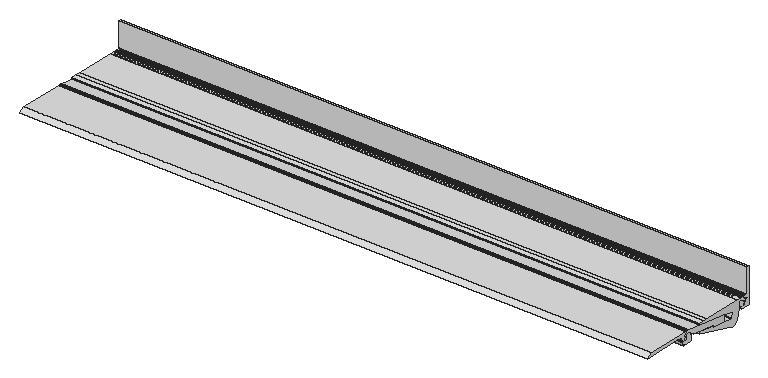
Revit family "Construction-Floors-Conecto-Aluminium Joints ALU AL.130.21", category Specialty Equipment, Revit 2015
Parameters (values of type "Aluminium Joints ALU AL.130.21 N CV")
  Youtube clip = ""
  Weight Net (Kg) = "0"
  Uniformat II Description = ""
  Uniformat II Code = ""
  Uniclass 2015 Name = "Roofs, floor and paving elements"
  Uniclass 2015 Code = "EF_30"
  Uniclass 2.0 Description = ""
  Uniclass 2.0 Code = ""
  Uniclass 1.4 Description = ""
  Uniclass 1.4 Code = ""
  UNSPSC Code = ""
  Technical description = "http://www.conecto-profiles.com/aluminium-joints/floor-joints/alu"
  Rubber Level = 4.5 mm
  Region South America = "None"
  Region Oceania = "None"
  Region North America = "None"
  Region Middle East = "None"
  Region Europe = "AD, AL, AT, AX, BA, BE, BG, BY, CH, CY, CZ, DE, DK, EE, ES, FI, FO, FR, GB, GG, GI, GR, HR, HU, IE, IM, IS, IT, JE, LI, LT, LU, LV, MC, MD, ME, MK, MT, NL, NO, PL, PT, RO, RS, RU, SE, SI, SJ, SK, SM, UA, VA"
  Region Asia = "None"
  Region Antarctica = "None"
  Region Africa = "None"
  QR code = "http://bimobject.com/conecto/product/130"
  Profile = Aluminium - CONECTO - Grey
  Product url = "http://www.conecto-profiles.com/aluminium-joints/floor-joints/alu"
  Product group = "Aluminum profiles"
  Product family = "Expansion profiles"
  Product data url = "https://bimobject.com/conecto/product/130"
  Product certification = ""
  Product SKU = "130"
  Product Guid = "f451513b-b9df-4152-966d-34aeee205aeb"  # constant formula
  OmniClass Description = "Profiles"
  OmniClass Code = "23-13 17 00"
  Nominal width = 130 mm
  Nominal height = 0 mm
  NBS Reference Description = ""
  NBS Reference Code = ""
  N CV = yes
  N = no
  Material secondary = ""
  Material main = "Aluminium"
  Masterformat 2014 Description = ""
  Masterformat 2014 Code = ""
  Manufacturer name = "Conecto"
  Manufacturer country = "Poland"
  Manufacturer = "Conecto"  # constant formula
  Length (mm) [instance] = [built-in parameter 1001306]  # 1000 mm
  built-in parameter 1001306 [instance] = 1000 mm
  Installation instructions = ""
  IFC Classification = "Building Element"
  GTIN code = ""
  Edition number = 1
  Design country = "Poland"
  Date of publishing = "10/18/2019"
  COBIe Type Category = ""
  Brand url = "http://www.profiledylatacyjne.com.pl/"
  BIMobject main category code = "construction"
  BIMobject main category = "Construction"
  BIMobject category code = "construction-floors"
  BIMobject category = "Decks, Slabs & Floors"
  97 CV = no
  97 = no
  .87 CV = no
  .87 = no
  .77 CV = no
  .77 = no
  .62 CV = no
  .62 = no
  .52 CV = no
  .52 = no
  42 CV = no
  42 = no
  .30 CV = no
  .30 = no
  .22 CV = no
  .22 = no
  .15 CV = no
  .15 = no
  #CONST_.20-70 = 70 mm
  Void under Ref level [instance] = 10 mm
Reference planes
  plane 1 "Center (Front/Back)": y = 0
  plane 2: z = 0
  plane 3 "Left": x = 0
  plane 4 "Right": x = 1000
  plane 5: z = -10
  plane 6: z = 4.5
  plane 7: z = 4.501
  plane 8: z = 4.501
Forms (mm)
  Extrusion 1, void
    sketch origin (0, 0, 0) x (0, 1, 0) y (0, 0, 1)
      loop
        line (59.89, 12.014) -> (-60, 12.014) -> (-60, -10) -> (59.89, -10) -> (59.89, 12.014)
    from 0 to 1000
Lines and regions (mm)
  reference lines
    curve 1: line (0, 0, 0) -> (1000, 0, 0)
Dimensions and locks
  "built-in parameter 1001306": plane 3 "Left" to plane 4 "Right"
  "Void under Ref level": plane 2 to plane 5
  "Rubber Level": plane 2 to plane 6
  aligned and locked: plane 4 "Right" to curve 1
  aligned and locked: plane 1 "Center (Front/Back)" to curve 1
  aligned and locked: plane 3 "Left" to curve 1
  aligned and locked: level to plane 2
  aligned and locked: plane 3 "Left" to nested 2
  aligned and locked: Extrusion 1 sketch curve to plane 5
  aligned and locked: Extrusion 1 to curve 1
Automatic sketch dimensions
  level to Extrusion 1 sketch curve = 12.014 mm
  plane 1 "Center (Front/Back)" to Extrusion 1 sketch curve = 60 mm
  Extrusion 1 sketch curve to plane 1 "Center (Front/Back)" = 59.89 mm
Nested families
  nested 1: "Standard" at (0, 0, 74.485), type "Standard"
  nested 2: "Rubber" at (0, 0.322, -13.828), type "Rubber"
  nested 3: "Standard" at (0, 0, 74.485), type "Standard", not visible
  nested 4: "Rubber" at (0, 0.322, -13.828), type "Rubber", not visible
Definition of nested family "Standard"
  Parameters (values of type "Standard")
    Space = 97.5 mm
    N CV = yes
    N Base = or(N, N CV)  # yes
    N = no
    Material = none
    Length = 1000 mm
    97 CV = no
    97 = no
    87 CV = no
    87 = no
    77 CV = no
    77 = no
    62 CV = no
    62 = no
    52 CV = no
    .97 Base = or([97], [97 CV])  # no
    .87 Base = or([87], [87 CV])  # no
    .77 Base = or([77], [77 CV])  # no
    .62 Base = or([62], [62 CV])  # no
    .52 Base = or([52], [52 CV])  # no
    52 = no
    42 CV = no
    .42 Base = or([42], [42 CV])  # no
    42 = no
    30 CV = no
    .15 Base = or([15], [15 CV])  # no
    .14 Base = or([30], [30 CV])  # no
    30 = no
    22 CV = no
    .22 Base = or([22], [22 CV])  # no
    22 = no
    15 CV = no
    .30 Base = or([30], [30 CV])  # no
    15 = no
  Reference planes
    plane 1 "Center (Front/Back)": y = 0
    plane 2: z = -84.674
    plane 3 "Center (Left/Right)": x = 0
    plane 4: x = 1000
    plane 5: y = -48.75
    plane 6: y = 48.75
    plane 7: z = 14.705
  Forms (mm)
    Extrusion 1, solid, material <- "Material", visible <- "97 CV"
      sketch origin (0, 265.991, -904.766) x (0, 1, 0) y (0, 0, 1)
        loop
          line (-199.423, 873.746) -> (-202.54, 873.746) -> (-202.54, 835.127) -> (-203.46, 834.792) -> (-207.327, 834.792) -> (-208.141, 834.496) -> (-208.218, 833.393) -> (-206.445, 831.491) -> (-205.917, 832.217) -> (-205.252, 832.736) -> (-204.32, 832.622) -> (-203.617, 831.722) -> (-203.267, 830.705) -> (-203.608, 829.814) -> (-204.416, 829.438) -> (-205.376, 829.573) -> (-205.376, 828.777) -> (-205.077, 827.908) -> (-205.02, 826.828) -> (-205.071, 825.864) -> (-205.211, 824.98) -> (-205.45, 824.148) -> (-205.909, 823.064) -> (-206.525, 822.529) -> (-209.752, 822.529) -> (-210.523, 823.216) -> (-210.303, 824.037) -> (-209.817, 824.758) -> (-209.465, 825.586) -> (-209.277, 826.401) -> (-209.33, 827.414) -> (-209.668, 828.454) -> (-210.125, 829.245) -> (-210.696, 829.816) -> (-211.35, 830.274) -> (-212.082, 830.57) -> (-212.923, 830.749) -> (-213.767, 830.749) -> (-214.548, 830.554) -> (-215.256, 830.209) -> (-215.921, 829.744) -> (-216.461, 829.144) -> (-216.926, 828.339) -> (-217.163, 827.513) -> (-217.223, 826.646) -> (-217.096, 825.742) -> (-216.758, 824.946) -> (-216.255, 824.227) -> (-211.466, 818.405) -> (-199.423, 818.405) -> (-199.423, 873.746)
      from 0 to 1000
    Extrusion 2, solid, material <- "Material", visible <- "87 CV"
      sketch origin (0, 265.988, -904.764) x (0, 1, 0) y (0, 0, 1)
        loop
          line (-199.423, 873.746) -> (-202.54, 873.746) -> (-202.54, 835.127) -> (-203.46, 834.792) -> (-207.327, 834.792) -> (-208.141, 834.496) -> (-208.218, 833.393) -> (-206.445, 831.491) -> (-205.917, 832.217) -> (-205.252, 832.736) -> (-204.32, 832.622) -> (-203.617, 831.722) -> (-203.267, 830.705) -> (-203.608, 829.814) -> (-204.416, 829.438) -> (-205.376, 829.573) -> (-205.376, 828.777) -> (-205.077, 827.908) -> (-205.02, 826.828) -> (-205.071, 825.864) -> (-205.211, 824.98) -> (-205.45, 824.148) -> (-205.909, 823.064) -> (-206.525, 822.529) -> (-209.752, 822.529) -> (-210.523, 823.216) -> (-210.303, 824.037) -> (-209.817, 824.758) -> (-209.465, 825.586) -> (-209.277, 826.401) -> (-209.33, 827.414) -> (-209.668, 828.454) -> (-210.125, 829.245) -> (-210.696, 829.816) -> (-211.35, 830.274) -> (-212.082, 830.57) -> (-212.923, 830.749) -> (-213.767, 830.749) -> (-214.548, 830.554) -> (-215.256, 830.209) -> (-215.921, 829.744) -> (-216.461, 829.144) -> (-216.926, 828.339) -> (-217.163, 827.513) -> (-217.223, 826.646) -> (-217.096, 825.742) -> (-216.758, 824.946) -> (-216.255, 824.227) -> (-211.466, 818.405) -> (-199.423, 818.405) -> (-199.423, 873.746)
      from 0 to 1000
    Extrusion 3, solid, material <- "Material", visible <- "77 CV"
      sketch origin (0, 265.99, -904.764) x (0, 1, 0) y (0, 0, 1)
        loop
          line (-199.423, 873.746) -> (-202.54, 873.746) -> (-202.54, 835.127) -> (-203.46, 834.792) -> (-207.327, 834.792) -> (-208.141, 834.496) -> (-208.218, 833.393) -> (-206.445, 831.491) -> (-205.917, 832.217) -> (-205.252, 832.736) -> (-204.32, 832.622) -> (-203.617, 831.722) -> (-203.267, 830.705) -> (-203.608, 829.814) -> (-204.416, 829.438) -> (-205.376, 829.573) -> (-205.376, 828.777) -> (-205.077, 827.908) -> (-205.02, 826.828) -> (-205.071, 825.864) -> (-205.211, 824.98) -> (-205.45, 824.148) -> (-205.909, 823.064) -> (-206.525, 822.529) -> (-209.752, 822.529) -> (-210.523, 823.216) -> (-210.303, 824.037) -> (-209.817, 824.758) -> (-209.465, 825.586) -> (-209.277, 826.401) -> (-209.33, 827.414) -> (-209.668, 828.454) -> (-210.125, 829.245) -> (-210.696, 829.816) -> (-211.35, 830.274) -> (-212.082, 830.57) -> (-212.923, 830.749) -> (-213.767, 830.749) -> (-214.548, 830.554) -> (-215.256, 830.209) -> (-215.921, 829.744) -> (-216.461, 829.144) -> (-216.926, 828.339) -> (-217.163, 827.513) -> (-217.223, 826.646) -> (-217.096, 825.742) -> (-216.758, 824.946) -> (-216.255, 824.227) -> (-211.466, 818.405) -> (-199.423, 818.405) -> (-199.423, 873.746)
      from 0 to 1000
    Extrusion 4, solid, material <- "Material", visible <- "62 CV"
      sketch origin (0, 265.99, -989.381) x (0, 1, 0) y (0, 0, 1)
        loop
          line (-199.423, 958.42) -> (-202.54, 958.42) -> (-202.54, 919.801) -> (-203.46, 919.466) -> (-207.327, 919.466) -> (-208.141, 919.17) -> (-208.218, 918.067) -> (-206.445, 916.165) -> (-205.917, 916.891) -> (-205.252, 917.41) -> (-204.32, 917.296) -> (-203.617, 916.395) -> (-203.267, 915.379) -> (-203.608, 914.488) -> (-204.416, 914.112) -> (-205.376, 914.247) -> (-205.376, 913.451) -> (-205.077, 912.582) -> (-205.02, 911.502) -> (-205.071, 910.538) -> (-205.211, 909.654) -> (-205.45, 908.822) -> (-205.909, 907.738) -> (-206.525, 907.203) -> (-209.752, 907.203) -> (-210.523, 907.89) -> (-210.303, 908.711) -> (-209.817, 909.431) -> (-209.465, 910.26) -> (-209.277, 911.075) -> (-209.33, 912.088) -> (-209.668, 913.128) -> (-210.125, 913.919) -> (-210.696, 914.49) -> (-211.35, 914.948) -> (-212.082, 915.244) -> (-212.923, 915.423) -> (-213.767, 915.423) -> (-214.548, 915.228) -> (-215.256, 914.883) -> (-215.921, 914.417) -> (-216.461, 913.818) -> (-216.926, 913.012) -> (-217.163, 912.187) -> (-217.223, 911.32) -> (-217.096, 910.416) -> (-216.758, 909.619) -> (-216.255, 908.901) -> (-211.466, 903.079) -> (-199.423, 903.079) -> (-199.423, 958.42)
      from 0 to 1000
    Extrusion 5, solid, material <- "Material", visible <- "52 CV"
      sketch origin (0, 265.991, -904.766) x (0, 1, 0) y (0, 0, 1)
        loop
          line (-199.423, 873.746) -> (-202.54, 873.746) -> (-202.54, 835.127) -> (-203.46, 834.792) -> (-207.327, 834.792) -> (-208.141, 834.496) -> (-208.218, 833.393) -> (-206.445, 831.491) -> (-205.917, 832.217) -> (-205.252, 832.736) -> (-204.32, 832.622) -> (-203.617, 831.722) -> (-203.267, 830.705) -> (-203.608, 829.814) -> (-204.416, 829.438) -> (-205.376, 829.573) -> (-205.376, 828.777) -> (-205.077, 827.908) -> (-205.02, 826.828) -> (-205.071, 825.864) -> (-205.211, 824.98) -> (-205.45, 824.148) -> (-205.909, 823.064) -> (-206.525, 822.529) -> (-209.752, 822.529) -> (-210.523, 823.216) -> (-210.303, 824.037) -> (-209.817, 824.758) -> (-209.465, 825.586) -> (-209.277, 826.401) -> (-209.33, 827.414) -> (-209.668, 828.454) -> (-210.125, 829.245) -> (-210.696, 829.816) -> (-211.35, 830.274) -> (-212.082, 830.57) -> (-212.923, 830.749) -> (-213.767, 830.749) -> (-214.548, 830.554) -> (-215.256, 830.209) -> (-215.921, 829.744) -> (-216.461, 829.144) -> (-216.926, 828.339) -> (-217.163, 827.513) -> (-217.223, 826.646) -> (-217.096, 825.742) -> (-216.758, 824.946) -> (-216.255, 824.227) -> (-211.466, 818.405) -> (-199.423, 818.405) -> (-199.423, 873.746)
      from 0 to 1000
    Extrusion 6, solid, material <- "Material", visible <- "42 CV"
      sketch origin (0, 265.988, -904.764) x (0, 1, 0) y (0, 0, 1)
        loop
          line (-199.423, 873.746) -> (-202.54, 873.746) -> (-202.54, 835.127) -> (-203.46, 834.792) -> (-207.327, 834.792) -> (-208.141, 834.496) -> (-208.218, 833.393) -> (-206.445, 831.491) -> (-205.917, 832.217) -> (-205.252, 832.736) -> (-204.32, 832.622) -> (-203.617, 831.722) -> (-203.267, 830.705) -> (-203.608, 829.814) -> (-204.416, 829.438) -> (-205.376, 829.573) -> (-205.376, 828.777) -> (-205.077, 827.908) -> (-205.02, 826.828) -> (-205.071, 825.864) -> (-205.211, 824.98) -> (-205.45, 824.148) -> (-205.909, 823.064) -> (-206.525, 822.529) -> (-209.752, 822.529) -> (-210.523, 823.216) -> (-210.303, 824.037) -> (-209.817, 824.758) -> (-209.465, 825.586) -> (-209.277, 826.401) -> (-209.33, 827.414) -> (-209.668, 828.454) -> (-210.125, 829.245) -> (-210.696, 829.816) -> (-211.35, 830.274) -> (-212.082, 830.57) -> (-212.923, 830.749) -> (-213.767, 830.749) -> (-214.548, 830.554) -> (-215.256, 830.209) -> (-215.921, 829.744) -> (-216.461, 829.144) -> (-216.926, 828.339) -> (-217.163, 827.513) -> (-217.223, 826.646) -> (-217.096, 825.742) -> (-216.758, 824.946) -> (-216.255, 824.227) -> (-211.466, 818.405) -> (-199.423, 818.405) -> (-199.423, 873.746)
      from 0 to 1000
    Extrusion 7, solid, material <- "Material", visible <- "30 CV"
      sketch origin (0, 265.99, -904.764) x (0, 1, 0) y (0, 0, 1)
        loop
          line (-199.423, 873.746) -> (-202.54, 873.746) -> (-202.54, 835.127) -> (-203.46, 834.792) -> (-207.327, 834.792) -> (-208.141, 834.496) -> (-208.218, 833.393) -> (-206.445, 831.491) -> (-205.917, 832.217) -> (-205.252, 832.736) -> (-204.32, 832.622) -> (-203.617, 831.722) -> (-203.267, 830.705) -> (-203.608, 829.814) -> (-204.416, 829.438) -> (-205.376, 829.573) -> (-205.376, 828.777) -> (-205.077, 827.908) -> (-205.02, 826.828) -> (-205.071, 825.864) -> (-205.211, 824.98) -> (-205.45, 824.148) -> (-205.909, 823.064) -> (-206.525, 822.529) -> (-209.752, 822.529) -> (-210.523, 823.216) -> (-210.303, 824.037) -> (-209.817, 824.758) -> (-209.465, 825.586) -> (-209.277, 826.401) -> (-209.33, 827.414) -> (-209.668, 828.454) -> (-210.125, 829.245) -> (-210.696, 829.816) -> (-211.35, 830.274) -> (-212.082, 830.57) -> (-212.923, 830.749) -> (-213.767, 830.749) -> (-214.548, 830.554) -> (-215.256, 830.209) -> (-215.921, 829.744) -> (-216.461, 829.144) -> (-216.926, 828.339) -> (-217.163, 827.513) -> (-217.223, 826.646) -> (-217.096, 825.742) -> (-216.758, 824.946) -> (-216.255, 824.227) -> (-211.466, 818.405) -> (-199.423, 818.405) -> (-199.423, 873.746)
      from 0 to 1000
    Extrusion 8, solid, material <- "Material", visible <- "22 CV"
      sketch origin (0, 265.99, -989.381) x (0, 1, 0) y (0, 0, 1)
        loop
          line (-199.423, 958.42) -> (-202.54, 958.42) -> (-202.54, 919.801) -> (-203.46, 919.466) -> (-207.327, 919.466) -> (-208.141, 919.17) -> (-208.218, 918.067) -> (-206.445, 916.165) -> (-205.917, 916.891) -> (-205.252, 917.41) -> (-204.32, 917.296) -> (-203.617, 916.395) -> (-203.267, 915.379) -> (-203.608, 914.488) -> (-204.416, 914.112) -> (-205.376, 914.247) -> (-205.376, 913.451) -> (-205.077, 912.582) -> (-205.02, 911.502) -> (-205.071, 910.538) -> (-205.211, 909.654) -> (-205.45, 908.822) -> (-205.909, 907.738) -> (-206.525, 907.203) -> (-209.752, 907.203) -> (-210.523, 907.89) -> (-210.303, 908.711) -> (-209.817, 909.431) -> (-209.465, 910.26) -> (-209.277, 911.075) -> (-209.33, 912.088) -> (-209.668, 913.128) -> (-210.125, 913.919) -> (-210.696, 914.49) -> (-211.35, 914.948) -> (-212.082, 915.244) -> (-212.923, 915.423) -> (-213.767, 915.423) -> (-214.548, 915.228) -> (-215.256, 914.883) -> (-215.921, 914.417) -> (-216.461, 913.818) -> (-216.926, 913.012) -> (-217.163, 912.187) -> (-217.223, 911.32) -> (-217.096, 910.416) -> (-216.758, 909.619) -> (-216.255, 908.901) -> (-211.466, 903.079) -> (-199.423, 903.079) -> (-199.423, 958.42)
      from 0 to 1000
    Extrusion 9, solid, material <- "Material", visible <- "15 CV"
      sketch origin (0, 265.976, -904.758) x (0, 1, 0) y (0, 0, 1)
        loop
          line (-199.423, 873.746) -> (-202.54, 873.746) -> (-202.54, 835.127) -> (-203.46, 834.792) -> (-207.327, 834.792) -> (-208.141, 834.496) -> (-208.218, 833.393) -> (-206.445, 831.491) -> (-205.917, 832.217) -> (-205.252, 832.736) -> (-204.32, 832.622) -> (-203.617, 831.722) -> (-203.267, 830.705) -> (-203.608, 829.814) -> (-204.416, 829.438) -> (-205.376, 829.573) -> (-205.376, 828.777) -> (-205.077, 827.908) -> (-205.02, 826.828) -> (-205.071, 825.864) -> (-205.211, 824.98) -> (-205.45, 824.148) -> (-205.909, 823.064) -> (-206.525, 822.529) -> (-209.752, 822.529) -> (-210.523, 823.216) -> (-210.303, 824.037) -> (-209.817, 824.758) -> (-209.465, 825.586) -> (-209.277, 826.401) -> (-209.33, 827.414) -> (-209.668, 828.454) -> (-210.125, 829.245) -> (-210.696, 829.816) -> (-211.35, 830.274) -> (-212.082, 830.57) -> (-212.923, 830.749) -> (-213.767, 830.749) -> (-214.548, 830.554) -> (-215.256, 830.209) -> (-215.921, 829.744) -> (-216.461, 829.144) -> (-216.926, 828.339) -> (-217.163, 827.513) -> (-217.223, 826.646) -> (-217.096, 825.742) -> (-216.758, 824.946) -> (-216.255, 824.227) -> (-211.466, 818.405) -> (-199.423, 818.405) -> (-199.423, 873.746)
      from 0 to 1000
    Extrusion 10, solid, material <- "Material", visible <- "N CV"
      sketch origin (0, 265.973, -904.756) x (0, 1, 0) y (0, 0, 1)
        loop
          line (-199.423, 873.746) -> (-202.54, 873.746) -> (-202.54, 835.127) -> (-203.46, 834.792) -> (-207.327, 834.792) -> (-208.141, 834.496) -> (-208.218, 833.393) -> (-206.445, 831.491) -> (-205.917, 832.217) -> (-205.252, 832.736) -> (-204.32, 832.622) -> (-203.617, 831.722) -> (-203.267, 830.705) -> (-203.608, 829.814) -> (-204.416, 829.438) -> (-205.376, 829.573) -> (-205.376, 828.777) -> (-205.077, 827.908) -> (-205.02, 826.828) -> (-205.071, 825.864) -> (-205.211, 824.98) -> (-205.45, 824.148) -> (-205.909, 823.064) -> (-206.525, 822.529) -> (-209.752, 822.529) -> (-210.523, 823.216) -> (-210.303, 824.037) -> (-209.817, 824.758) -> (-209.465, 825.586) -> (-209.277, 826.401) -> (-209.33, 827.414) -> (-209.668, 828.454) -> (-210.125, 829.245) -> (-210.696, 829.816) -> (-211.35, 830.274) -> (-212.082, 830.57) -> (-212.923, 830.749) -> (-213.767, 830.749) -> (-214.548, 830.554) -> (-215.256, 830.209) -> (-215.921, 829.744) -> (-216.461, 829.144) -> (-216.926, 828.339) -> (-217.163, 827.513) -> (-217.223, 826.646) -> (-217.096, 825.742) -> (-216.758, 824.946) -> (-216.255, 824.227) -> (-211.466, 818.405) -> (-199.423, 818.405) -> (-199.423, 873.746)
      from 0 to 1000
    Extrusion 11, solid, material <- "Material", visible <- ".97 Base"
      sketch origin (0, 265.433, 968.395) x (0, 1, 0) y (0, 0, 1)
        loop
          line (-330.599, -1038.38) -> (-330.599, -1047.322) -> (-329.655, -1051.761) -> (-330.566, -1052.847) -> (-330.566, -1055.109) -> (-324.073, -1055.109) -> (-323.246, -1054.612) -> (-322.459, -1054.386) -> (-321.57, -1054.386) -> (-320.693, -1054.688) -> (-320.064, -1055.162) -> (-319.541, -1055.764) -> (-319.194, -1056.543) -> (-319.109, -1057.347) -> (-319.18, -1058.158) -> (-319.665, -1059.151) -> (-320.386, -1059.824) -> (-321.1, -1060.204) -> (-321.875, -1060.354) -> (-322.663, -1060.285) -> (-323.438, -1060.033) -> (-324.045, -1059.542) -> (-324.953, -1059.606) -> (-330.608, -1059.606) -> (-330.608, -1062.159) -> (-328.308, -1062.564) -> (-320.608, -1063.974) -> (-320.335, -1064.768) -> (-320.335, -1128.086) -> (-320.753, -1129.646) -> (-321.523, -1130.564) -> (-323.227, -1131.151) -> (-325.381, -1130.848) -> (-387.657, -1130.848) -> (-389.735, -1132.048) -> (-390.42, -1132.732) -> (-390.286, -1134.643) -> (-389.461, -1135.222) -> (-388.036, -1135.396) -> (-316.208, -1135.396) -> (-316.208, -1061.81) -> (-315.073, -1058.514) -> (-315.073, -1055.983) -> (-316.208, -1052.687) -> (-316.208, -1047.26) -> (-315.552, -1046.389) -> (-314.292, -1046.389) -> (-314.292, -1045.229) -> (-315.073, -1043.929) -> (-315.919, -1043.219) -> (-316.729, -1042.714) -> (-317.561, -1042.506) -> (-318.492, -1042.408) -> (-319.403, -1042.552) -> (-320.325, -1042.925) -> (-321.101, -1043.624) -> (-321.758, -1044.353) -> (-322.136, -1045.164) -> (-322.291, -1045.963) -> (-322.291, -1047.063) -> (-322.033, -1047.858) -> (-321.545, -1048.776) -> (-321.06, -1049.688) -> (-321.358, -1050.426) -> (-322.1, -1050.741) -> (-324.745, -1050.741) -> (-325.464, -1050.358) -> (-325.955, -1049.435) -> (-326.304, -1048.361) -> (-326.549, -1046.361) -> (-326.453, -1045.256) -> (-326.144, -1043.667) -> (-326.975, -1043.667) -> (-327.761, -1043.486) -> (-328.259, -1042.847) -> (-328.232, -1042.061) -> (-327.395, -1040.668) -> (-326.621, -1040.431) -> (-325.843, -1040.699) -> (-325.146, -1041.772) -> (-324.551, -1041.037) -> (-323.666, -1040.152) -> (-323.206, -1039.387) -> (-323.811, -1038.38) -> (-330.599, -1038.38)
      from 0 to 1000
    Extrusion 12, solid, material <- "Material", visible <- ".87 Base"
      sketch origin (0, 265.433, 968.395) x (0, 1, 0) y (0, 0, 1)
        loop
          line (-330.599, -1038.38) -> (-330.599, -1047.322) -> (-329.655, -1051.761) -> (-330.566, -1052.847) -> (-330.566, -1055.109) -> (-324.073, -1055.109) -> (-323.246, -1054.612) -> (-322.459, -1054.386) -> (-321.57, -1054.386) -> (-320.693, -1054.688) -> (-320.064, -1055.162) -> (-319.541, -1055.764) -> (-319.194, -1056.543) -> (-319.109, -1057.347) -> (-319.18, -1058.158) -> (-319.665, -1059.151) -> (-320.386, -1059.824) -> (-321.1, -1060.204) -> (-321.875, -1060.354) -> (-322.663, -1060.285) -> (-323.438, -1060.033) -> (-324.045, -1059.542) -> (-324.953, -1059.606) -> (-330.608, -1059.606) -> (-330.608, -1062.159) -> (-328.308, -1062.564) -> (-320.608, -1063.974) -> (-320.335, -1064.768) -> (-320.335, -1117.856) -> (-320.773, -1119.493) -> (-322.888, -1120.714) -> (-387.665, -1120.714) -> (-389.735, -1121.909) -> (-390.42, -1122.594) -> (-390.286, -1124.505) -> (-389.461, -1125.083) -> (-388.036, -1125.258) -> (-316.208, -1125.258) -> (-316.208, -1061.81) -> (-315.073, -1058.514) -> (-315.073, -1055.983) -> (-316.208, -1052.687) -> (-316.208, -1047.26) -> (-315.552, -1046.389) -> (-314.292, -1046.389) -> (-314.292, -1045.229) -> (-315.073, -1043.929) -> (-315.919, -1043.219) -> (-316.729, -1042.714) -> (-317.561, -1042.506) -> (-318.492, -1042.408) -> (-319.403, -1042.552) -> (-320.325, -1042.925) -> (-321.101, -1043.624) -> (-321.758, -1044.353) -> (-322.136, -1045.164) -> (-322.291, -1045.963) -> (-322.291, -1047.063) -> (-322.033, -1047.858) -> (-321.545, -1048.776) -> (-321.06, -1049.688) -> (-321.358, -1050.426) -> (-322.1, -1050.741) -> (-324.745, -1050.741) -> (-325.464, -1050.358) -> (-325.955, -1049.435) -> (-326.304, -1048.361) -> (-326.549, -1046.361) -> (-326.453, -1045.256) -> (-326.144, -1043.667) -> (-326.975, -1043.667) -> (-327.761, -1043.486) -> (-328.259, -1042.847) -> (-328.232, -1042.061) -> (-327.395, -1040.668) -> (-326.621, -1040.431) -> (-325.843, -1040.699) -> (-325.146, -1041.772) -> (-324.551, -1041.037) -> (-323.666, -1040.152) -> (-323.206, -1039.387) -> (-323.811, -1038.38) -> (-330.599, -1038.38)
      from 0 to 1000
    Extrusion 13, solid, material <- "Material", visible <- ".77 Base"
      sketch origin (0, 265.433, 968.395) x (0, 1, 0) y (0, 0, 1)
        loop
          line (-330.599, -1038.38) -> (-330.599, -1047.322) -> (-329.655, -1051.761) -> (-330.566, -1052.847) -> (-330.566, -1055.109) -> (-324.073, -1055.109) -> (-323.246, -1054.612) -> (-322.459, -1054.386) -> (-321.57, -1054.386) -> (-320.693, -1054.688) -> (-320.064, -1055.162) -> (-319.541, -1055.764) -> (-319.194, -1056.543) -> (-319.109, -1057.347) -> (-319.18, -1058.158) -> (-319.665, -1059.151) -> (-320.386, -1059.824) -> (-321.1, -1060.204) -> (-321.875, -1060.354) -> (-322.663, -1060.285) -> (-323.438, -1060.033) -> (-324.045, -1059.542) -> (-324.953, -1059.606) -> (-330.608, -1059.606) -> (-330.608, -1062.159) -> (-328.308, -1062.564) -> (-320.608, -1063.974) -> (-320.335, -1064.768) -> (-320.335, -1109.136) -> (-321.266, -1110.285) -> (-322.591, -1110.99) -> (-325.398, -1110.793) -> (-387.632, -1110.793) -> (-389.835, -1112.065) -> (-390.519, -1112.75) -> (-390.386, -1114.661) -> (-389.56, -1115.239) -> (-388.135, -1115.414) -> (-316.208, -1115.414) -> (-316.208, -1061.81) -> (-315.073, -1058.514) -> (-315.073, -1055.983) -> (-316.208, -1052.687) -> (-316.208, -1047.26) -> (-315.552, -1046.389) -> (-314.292, -1046.389) -> (-314.292, -1045.229) -> (-315.073, -1043.929) -> (-315.919, -1043.219) -> (-316.729, -1042.714) -> (-317.561, -1042.506) -> (-318.492, -1042.408) -> (-319.403, -1042.552) -> (-320.325, -1042.925) -> (-321.101, -1043.624) -> (-321.758, -1044.353) -> (-322.136, -1045.164) -> (-322.291, -1045.963) -> (-322.291, -1047.063) -> (-322.033, -1047.858) -> (-321.545, -1048.776) -> (-321.06, -1049.688) -> (-321.358, -1050.426) -> (-322.1, -1050.741) -> (-324.745, -1050.741) -> (-325.464, -1050.358) -> (-325.955, -1049.435) -> (-326.304, -1048.361) -> (-326.549, -1046.361) -> (-326.453, -1045.256) -> (-326.144, -1043.667) -> (-326.975, -1043.667) -> (-327.761, -1043.486) -> (-328.259, -1042.847) -> (-328.232, -1042.061) -> (-327.395, -1040.668) -> (-326.621, -1040.431) -> (-325.843, -1040.699) -> (-325.146, -1041.772) -> (-324.551, -1041.037) -> (-323.666, -1040.152) -> (-323.206, -1039.387) -> (-323.811, -1038.38) -> (-330.599, -1038.38)
      from 0 to 1000
    Extrusion 14, solid, material <- "Material", visible <- ".62 Base"
      sketch origin (0, 265.434, 968.395) x (0, 1, 0) y (0, 0, 1)
        loop
          line (-330.599, -1038.38) -> (-330.599, -1047.322) -> (-329.655, -1051.761) -> (-330.566, -1052.847) -> (-330.566, -1055.109) -> (-324.073, -1055.109) -> (-323.246, -1054.612) -> (-322.459, -1054.386) -> (-321.57, -1054.386) -> (-320.693, -1054.688) -> (-320.064, -1055.162) -> (-319.541, -1055.764) -> (-319.194, -1056.543) -> (-319.109, -1057.347) -> (-319.18, -1058.158) -> (-319.665, -1059.151) -> (-320.386, -1059.824) -> (-321.1, -1060.204) -> (-321.875, -1060.354) -> (-322.663, -1060.285) -> (-323.438, -1060.033) -> (-324.045, -1059.542) -> (-324.953, -1059.606) -> (-330.608, -1059.606) -> (-330.608, -1062.159) -> (-328.308, -1062.564) -> (-320.608, -1063.974) -> (-320.335, -1064.768) -> (-320.335, -1093.653) -> (-320.731, -1094.742) -> (-321.466, -1095.619) -> (-322.818, -1096.11) -> (-323.606, -1096.179) -> (-325.295, -1095.912) -> (-387.697, -1095.912) -> (-389.76, -1097.103) -> (-390.444, -1097.787) -> (-390.311, -1099.698) -> (-389.485, -1100.277) -> (-388.06, -1100.452) -> (-316.208, -1100.452) -> (-316.208, -1061.81) -> (-315.073, -1058.514) -> (-315.073, -1055.983) -> (-316.208, -1052.687) -> (-316.208, -1047.26) -> (-315.552, -1046.389) -> (-314.292, -1046.389) -> (-314.292, -1045.229) -> (-315.073, -1043.929) -> (-315.919, -1043.219) -> (-316.729, -1042.714) -> (-317.561, -1042.506) -> (-318.492, -1042.408) -> (-319.403, -1042.552) -> (-320.325, -1042.925) -> (-321.101, -1043.624) -> (-321.758, -1044.353) -> (-322.136, -1045.164) -> (-322.291, -1045.963) -> (-322.291, -1047.063) -> (-322.033, -1047.858) -> (-321.545, -1048.776) -> (-321.06, -1049.688) -> (-321.358, -1050.426) -> (-322.1, -1050.741) -> (-324.745, -1050.741) -> (-325.464, -1050.358) -> (-325.955, -1049.435) -> (-326.304, -1048.361) -> (-326.549, -1046.361) -> (-326.453, -1045.256) -> (-326.144, -1043.667) -> (-326.975, -1043.667) -> (-327.761, -1043.486) -> (-328.259, -1042.847) -> (-328.232, -1042.061) -> (-327.395, -1040.668) -> (-326.621, -1040.431) -> (-325.843, -1040.699) -> (-325.146, -1041.772) -> (-324.551, -1041.037) -> (-323.666, -1040.152) -> (-323.206, -1039.387) -> (-323.811, -1038.38) -> (-330.599, -1038.38)
      from 0 to 1000
    Extrusion 15, solid, material <- "Material", visible <- ".52 Base"
      sketch origin (0, 265.433, 968.395) x (0, 1, 0) y (0, 0, 1)
        loop
          line (-330.599, -1038.38) -> (-330.599, -1047.322) -> (-329.655, -1051.761) -> (-330.566, -1052.847) -> (-330.566, -1055.109) -> (-324.073, -1055.109) -> (-323.246, -1054.612) -> (-322.459, -1054.386) -> (-321.57, -1054.386) -> (-320.693, -1054.688) -> (-320.064, -1055.162) -> (-319.541, -1055.764) -> (-319.194, -1056.543) -> (-319.109, -1057.347) -> (-319.18, -1058.158) -> (-319.665, -1059.151) -> (-320.386, -1059.824) -> (-321.1, -1060.204) -> (-321.875, -1060.354) -> (-322.663, -1060.285) -> (-323.438, -1060.033) -> (-324.045, -1059.542) -> (-324.953, -1059.606) -> (-330.608, -1059.606) -> (-330.608, -1062.159) -> (-328.308, -1062.564) -> (-320.608, -1063.974) -> (-320.335, -1064.768) -> (-320.335, -1083.114) -> (-321.102, -1085.013) -> (-322.153, -1085.895) -> (-324.449, -1086.136) -> (-325.402, -1085.881) -> (-387.706, -1085.881) -> (-389.76, -1087.067) -> (-390.444, -1087.751) -> (-390.311, -1089.662) -> (-389.485, -1090.24) -> (-388.06, -1090.415) -> (-316.208, -1090.415) -> (-316.208, -1061.81) -> (-315.073, -1058.514) -> (-315.073, -1055.983) -> (-316.208, -1052.687) -> (-316.208, -1047.26) -> (-315.552, -1046.389) -> (-314.292, -1046.389) -> (-314.292, -1045.229) -> (-315.073, -1043.929) -> (-315.919, -1043.219) -> (-316.729, -1042.714) -> (-317.561, -1042.506) -> (-318.492, -1042.408) -> (-319.403, -1042.552) -> (-320.325, -1042.925) -> (-321.101, -1043.624) -> (-321.758, -1044.353) -> (-322.136, -1045.164) -> (-322.291, -1045.963) -> (-322.291, -1047.063) -> (-322.033, -1047.858) -> (-321.545, -1048.776) -> (-321.06, -1049.688) -> (-321.358, -1050.426) -> (-322.1, -1050.741) -> (-324.745, -1050.741) -> (-325.464, -1050.358) -> (-325.955, -1049.435) -> (-326.304, -1048.361) -> (-326.549, -1046.361) -> (-326.453, -1045.256) -> (-326.144, -1043.667) -> (-326.975, -1043.667) -> (-327.761, -1043.486) -> (-328.259, -1042.847) -> (-328.232, -1042.061) -> (-327.395, -1040.668) -> (-326.621, -1040.431) -> (-325.843, -1040.699) -> (-325.146, -1041.772) -> (-324.551, -1041.037) -> (-323.666, -1040.152) -> (-323.206, -1039.387) -> (-323.811, -1038.38) -> (-330.599, -1038.38)
      from 0 to 1000
    Extrusion 16, solid, material <- "Material", visible <- ".42 Base"
      sketch origin (0, 265.415, 968.416) x (0, 1, 0) y (0, 0, 1)
        loop
          line (-330.599, -1038.38) -> (-330.599, -1047.322) -> (-329.655, -1051.761) -> (-330.566, -1052.847) -> (-330.566, -1055.109) -> (-324.073, -1055.109) -> (-323.246, -1054.612) -> (-322.459, -1054.386) -> (-321.57, -1054.386) -> (-320.693, -1054.688) -> (-320.064, -1055.162) -> (-319.541, -1055.764) -> (-319.194, -1056.543) -> (-319.109, -1057.347) -> (-319.18, -1058.158) -> (-319.665, -1059.151) -> (-320.386, -1059.824) -> (-321.1, -1060.204) -> (-321.875, -1060.354) -> (-322.663, -1060.285) -> (-323.438, -1060.033) -> (-324.045, -1059.542) -> (-324.953, -1059.606) -> (-330.608, -1059.606) -> (-330.608, -1062.159) -> (-328.308, -1062.564) -> (-320.608, -1063.974) -> (-320.335, -1064.768) -> (-320.335, -1073.423) -> (-320.711, -1074.456) -> (-321.6, -1075.515) -> (-322.617, -1075.885) -> (-323.949, -1076.002) -> (-325.343, -1075.756) -> (-387.713, -1075.756) -> (-389.76, -1076.938) -> (-390.444, -1077.622) -> (-390.311, -1079.533) -> (-389.485, -1080.111) -> (-388.06, -1080.286) -> (-316.208, -1080.286) -> (-316.208, -1061.81) -> (-315.073, -1058.514) -> (-315.073, -1055.983) -> (-316.208, -1052.687) -> (-316.208, -1047.26) -> (-315.552, -1046.389) -> (-314.292, -1046.389) -> (-314.292, -1045.229) -> (-315.073, -1043.929) -> (-315.919, -1043.219) -> (-316.729, -1042.714) -> (-317.561, -1042.506) -> (-318.492, -1042.408) -> (-319.403, -1042.552) -> (-320.325, -1042.925) -> (-321.101, -1043.624) -> (-321.758, -1044.353) -> (-322.136, -1045.164) -> (-322.291, -1045.963) -> (-322.291, -1047.063) -> (-322.033, -1047.858) -> (-321.545, -1048.776) -> (-321.06, -1049.688) -> (-321.358, -1050.426) -> (-322.1, -1050.741) -> (-324.745, -1050.741) -> (-325.464, -1050.358) -> (-325.955, -1049.435) -> (-326.304, -1048.361) -> (-326.549, -1046.361) -> (-326.453, -1045.256) -> (-326.144, -1043.667) -> (-326.975, -1043.667) -> (-327.761, -1043.486) -> (-328.259, -1042.847) -> (-328.232, -1042.061) -> (-327.395, -1040.668) -> (-326.621, -1040.431) -> (-325.843, -1040.699) -> (-325.146, -1041.772) -> (-324.551, -1041.037) -> (-323.666, -1040.152) -> (-323.206, -1039.387) -> (-323.811, -1038.38) -> (-330.599, -1038.38)
      from 0 to 1000
    Extrusion 17, solid, material <- "Material", visible <- "N Base"
      sketch origin (0, 265.489, -904.847) x (0, 1, 0) y (0, 0, 1)
        loop
          line (-323.431, 834.863) -> (-391.399, 834.863) -> (-399.194, 830.362) -> (-336.667, 830.362) -> (-334.644, 830.362) -> (-333.531, 830.323) -> (-332.469, 829.936) -> (-331.694, 829.394) -> (-330.965, 828.391) -> (-330.659, 827.161) -> (-330.36, 823.75) -> (-329.529, 821.583) -> (-327.586, 817.416) -> (-326.788, 817.061) -> (-314.911, 817.061) -> (-314.25, 817.82) -> (-314.25, 826.756) -> (-314.567, 828.385) -> (-315.247, 829.356) -> (-316.224, 830.205) -> (-317.242, 830.68) -> (-318.244, 830.785) -> (-319.406, 830.683) -> (-320.251, 830.289) -> (-321.26, 829.501) -> (-321.776, 828.764) -> (-322.066, 827.969) -> (-322.297, 827.04) -> (-322.221, 826.162) -> (-321.848, 824.942) -> (-321.212, 824.035) -> (-321.052, 823.211) -> (-321.677, 822.492) -> (-324.743, 822.492) -> (-325.508, 822.833) -> (-326.037, 823.966) -> (-326.548, 826.595) -> (-326.373, 828.262) -> (-326.132, 829.501) -> (-327.17, 829.501) -> (-327.903, 829.924) -> (-328.252, 830.672) -> (-328.008, 831.581) -> (-327.346, 832.527) -> (-326.243, 832.643) -> (-325.546, 832.156) -> (-325.167, 831.342) -> (-323.261, 833.248) -> (-323.431, 834.863)
      from 0 to 1000
    Extrusion 18, solid, material <- "Material", visible <- ".15 Base"
      sketch origin (0, 265.412, -730.453) x (0, 1, 0) y (0, 0, 1)
        loop
          line (-323.363, 660.485) -> (-330.587, 660.485) -> (-330.587, 648.965) -> (-330.963, 648.256) -> (-331.738, 648.004) -> (-384.964, 648.004) -> (-386.018, 647.893) -> (-388.116, 647.13) -> (-388.546, 646.442) -> (-387.609, 645.504) -> (-314.404, 645.504) -> (-314.404, 653.116) -> (-314.804, 654.214) -> (-315.523, 655.364) -> (-316.437, 656.005) -> (-317.169, 656.286) -> (-317.949, 656.451) -> (-318.782, 656.422) -> (-319.589, 656.265) -> (-320.32, 655.955) -> (-321.054, 655.46) -> (-321.594, 654.839) -> (-322.18, 653.737) -> (-322.369, 652.847) -> (-322.301, 652.062) -> (-322.168, 651.228) -> (-321.612, 650.265) -> (-321.145, 649.621) -> (-321.145, 648.739) -> (-321.736, 648.207) -> (-325.142, 648.207) -> (-325.732, 648.737) -> (-326.323, 650.323) -> (-326.595, 652.511) -> (-326.488, 653.531) -> (-326.305, 654.468) -> (-326.207, 655.266) -> (-327.615, 655.266) -> (-328.238, 655.889) -> (-328.303, 656.819) -> (-327.818, 657.859) -> (-326.712, 658.497) -> (-325.659, 658.006) -> (-325.327, 657.095) -> (-323.363, 659.059) -> (-323.363, 660.485)
      from 0 to 1000
    Extrusion 19, solid, material <- "Material", visible <- ".22 Base"
      sketch origin (0, 265.432, -730.454) x (0, 1, 0) y (0, 0, 1)
        loop
          line (-323.363, 660.485) -> (-330.587, 660.485) -> (-330.587, 644.236) -> (-330.963, 643.527) -> (-331.738, 643.275) -> (-384.964, 643.275) -> (-386.018, 643.165) -> (-388.116, 642.401) -> (-388.546, 641.713) -> (-388.546, 638.659) -> (-325.118, 638.659) -> (-325.118, 639.488) -> (-325.652, 640.197) -> (-325.956, 640.99) -> (-326.058, 641.817) -> (-325.767, 643.078) -> (-325.193, 643.812) -> (-324.414, 644.378) -> (-323.063, 644.69) -> (-321.666, 644.342) -> (-320.602, 643.48) -> (-320.078, 641.866) -> (-320.327, 640.453) -> (-321.02, 639.596) -> (-320.905, 638.666) -> (-314.404, 638.666) -> (-314.404, 645.504) -> (-314.404, 653.116) -> (-314.804, 654.214) -> (-315.523, 655.364) -> (-316.437, 656.005) -> (-317.169, 656.286) -> (-317.949, 656.451) -> (-318.782, 656.422) -> (-319.589, 656.265) -> (-320.32, 655.955) -> (-321.054, 655.46) -> (-321.594, 654.839) -> (-322.18, 653.737) -> (-322.369, 652.847) -> (-322.301, 652.062) -> (-322.168, 651.228) -> (-321.612, 650.265) -> (-321.145, 649.621) -> (-321.145, 648.739) -> (-321.736, 648.207) -> (-325.142, 648.207) -> (-325.732, 648.737) -> (-326.323, 650.323) -> (-326.595, 652.511) -> (-326.488, 653.531) -> (-326.305, 654.468) -> (-326.207, 655.266) -> (-327.615, 655.266) -> (-328.238, 655.889) -> (-328.303, 656.819) -> (-327.818, 657.859) -> (-326.712, 658.497) -> (-325.659, 658.006) -> (-325.327, 657.095) -> (-323.363, 659.059) -> (-323.363, 660.485)
      from 0 to 1000
    Extrusion 20, solid, material <- "Material", visible <- ".30 Base"
      sketch origin (0, 265.421, -730.469) x (0, 1, 0) y (0, 0, 1)
        loop
          line (-323.363, 660.485) -> (-330.587, 660.485) -> (-330.587, 650.485) -> (-327.144, 642.375) -> (-325.99, 642.518) -> (-323.471, 643.587) -> (-321.385, 643.144) -> (-320.459, 642.446) -> (-319.805, 641.512) -> (-319.349, 640.438) -> (-319.349, 638.821) -> (-320.065, 637.215) -> (-321.004, 636.275) -> (-322.134, 635.699) -> (-323.315, 635.554) -> (-324.548, 635.706) -> (-325.456, 636.168) -> (-326.081, 636.64) -> (-326.885, 636.64) -> (-330.156, 635.114) -> (-384.762, 635.114) -> (-386.616, 634.512) -> (-388.396, 633.484) -> (-388.396, 631.009) -> (-387.647, 630.66) -> (-386.11, 630.498) -> (-314.404, 630.498) -> (-314.404, 645.504) -> (-314.404, 653.116) -> (-314.804, 654.214) -> (-315.523, 655.364) -> (-316.437, 656.005) -> (-317.169, 656.286) -> (-317.949, 656.451) -> (-318.782, 656.422) -> (-319.589, 656.265) -> (-320.32, 655.955) -> (-321.054, 655.46) -> (-321.594, 654.839) -> (-322.18, 653.737) -> (-322.369, 652.847) -> (-322.301, 652.062) -> (-322.168, 651.228) -> (-321.612, 650.265) -> (-321.145, 649.621) -> (-321.145, 648.739) -> (-321.736, 648.207) -> (-325.142, 648.207) -> (-325.732, 648.737) -> (-326.323, 650.323) -> (-326.595, 652.511) -> (-326.488, 653.531) -> (-326.305, 654.468) -> (-326.207, 655.266) -> (-327.615, 655.266) -> (-328.238, 655.889) -> (-328.303, 656.819) -> (-327.818, 657.859) -> (-326.712, 658.497) -> (-325.659, 658.006) -> (-325.327, 657.095) -> (-323.363, 659.059) -> (-323.363, 660.485)
      from 0 to 1000
    Extrusion 21, solid, material <- "Material", visible <- "97"
      sketch origin (0, -265.433, 968.395) x (0, -1, 0) y (0, 0, -1)
        loop
          line (-330.599, 1038.38) -> (-323.811, 1038.38) -> (-323.206, 1039.387) -> (-323.666, 1040.152) -> (-324.551, 1041.037) -> (-325.146, 1041.772) -> (-325.843, 1040.699) -> (-326.621, 1040.431) -> (-327.395, 1040.668) -> (-328.232, 1042.061) -> (-328.259, 1042.847) -> (-327.761, 1043.486) -> (-326.975, 1043.667) -> (-326.144, 1043.667) -> (-326.453, 1045.256) -> (-326.549, 1046.361) -> (-326.304, 1048.361) -> (-325.955, 1049.435) -> (-325.464, 1050.358) -> (-324.745, 1050.741) -> (-322.1, 1050.741) -> (-321.358, 1050.426) -> (-321.06, 1049.688) -> (-321.545, 1048.776) -> (-322.033, 1047.858) -> (-322.291, 1047.063) -> (-322.291, 1045.963) -> (-322.136, 1045.164) -> (-321.758, 1044.353) -> (-321.101, 1043.624) -> (-320.325, 1042.925) -> (-319.403, 1042.552) -> (-318.492, 1042.408) -> (-317.561, 1042.506) -> (-316.729, 1042.714) -> (-315.919, 1043.219) -> (-315.073, 1043.929) -> (-314.292, 1045.229) -> (-314.292, 1046.389) -> (-315.552, 1046.389) -> (-316.208, 1047.26) -> (-316.208, 1052.687) -> (-315.073, 1055.983) -> (-315.073, 1058.514) -> (-316.208, 1061.81) -> (-316.208, 1135.396) -> (-388.036, 1135.396) -> (-389.461, 1135.222) -> (-390.286, 1134.643) -> (-390.42, 1132.732) -> (-389.735, 1132.048) -> (-387.657, 1130.848) -> (-325.381, 1130.848) -> (-323.227, 1131.151) -> (-321.523, 1130.564) -> (-320.753, 1129.646) -> (-320.335, 1128.086) -> (-320.335, 1064.768) -> (-320.608, 1063.974) -> (-328.308, 1062.564) -> (-330.608, 1062.159) -> (-330.608, 1059.606) -> (-324.953, 1059.606) -> (-324.045, 1059.542) -> (-323.438, 1060.033) -> (-322.663, 1060.285) -> (-321.875, 1060.354) -> (-321.1, 1060.204) -> (-320.386, 1059.824) -> (-319.665, 1059.151) -> (-319.18, 1058.158) -> (-319.109, 1057.347) -> (-319.194, 1056.543) -> (-319.541, 1055.764) -> (-320.064, 1055.162) -> (-320.693, 1054.688) -> (-321.57, 1054.386) -> (-322.459, 1054.386) -> (-323.246, 1054.612) -> (-324.073, 1055.109) -> (-330.566, 1055.109) -> (-330.566, 1052.847) -> (-329.655, 1051.761) -> (-330.599, 1047.322) -> (-330.599, 1038.38)
      from 0 to 1000
    Extrusion 22, solid, material <- "Material", visible <- "87"
      sketch origin (0, -265.433, 968.395) x (0, -1, 0) y (0, 0, -1)
        loop
          line (-330.599, 1038.38) -> (-323.811, 1038.38) -> (-323.206, 1039.387) -> (-323.666, 1040.152) -> (-324.551, 1041.037) -> (-325.146, 1041.772) -> (-325.843, 1040.699) -> (-326.621, 1040.431) -> (-327.395, 1040.668) -> (-328.232, 1042.061) -> (-328.259, 1042.847) -> (-327.761, 1043.486) -> (-326.975, 1043.667) -> (-326.144, 1043.667) -> (-326.453, 1045.256) -> (-326.549, 1046.361) -> (-326.304, 1048.361) -> (-325.955, 1049.435) -> (-325.464, 1050.358) -> (-324.745, 1050.741) -> (-322.1, 1050.741) -> (-321.358, 1050.426) -> (-321.06, 1049.688) -> (-321.545, 1048.776) -> (-322.033, 1047.858) -> (-322.291, 1047.063) -> (-322.291, 1045.963) -> (-322.136, 1045.164) -> (-321.758, 1044.353) -> (-321.101, 1043.624) -> (-320.325, 1042.925) -> (-319.403, 1042.552) -> (-318.492, 1042.408) -> (-317.561, 1042.506) -> (-316.729, 1042.714) -> (-315.919, 1043.219) -> (-315.073, 1043.929) -> (-314.292, 1045.229) -> (-314.292, 1046.389) -> (-315.552, 1046.389) -> (-316.208, 1047.26) -> (-316.208, 1052.687) -> (-315.073, 1055.983) -> (-315.073, 1058.514) -> (-316.208, 1061.81) -> (-316.208, 1125.258) -> (-388.036, 1125.258) -> (-389.461, 1125.083) -> (-390.286, 1124.505) -> (-390.42, 1122.594) -> (-389.735, 1121.909) -> (-387.665, 1120.714) -> (-322.888, 1120.714) -> (-320.773, 1119.493) -> (-320.335, 1117.856) -> (-320.335, 1064.768) -> (-320.608, 1063.974) -> (-328.308, 1062.564) -> (-330.608, 1062.159) -> (-330.608, 1059.606) -> (-324.953, 1059.606) -> (-324.045, 1059.542) -> (-323.438, 1060.033) -> (-322.663, 1060.285) -> (-321.875, 1060.354) -> (-321.1, 1060.204) -> (-320.386, 1059.824) -> (-319.665, 1059.151) -> (-319.18, 1058.158) -> (-319.109, 1057.347) -> (-319.194, 1056.543) -> (-319.541, 1055.764) -> (-320.064, 1055.162) -> (-320.693, 1054.688) -> (-321.57, 1054.386) -> (-322.459, 1054.386) -> (-323.246, 1054.612) -> (-324.073, 1055.109) -> (-330.566, 1055.109) -> (-330.566, 1052.847) -> (-329.655, 1051.761) -> (-330.599, 1047.322) -> (-330.599, 1038.38)
      from 0 to 1000
    Extrusion 23, solid, material <- "Material", visible <- "77"
      sketch origin (0, -265.433, 968.395) x (0, -1, 0) y (0, 0, -1)
        loop
          line (-330.599, 1038.38) -> (-323.811, 1038.38) -> (-323.206, 1039.387) -> (-323.666, 1040.152) -> (-324.551, 1041.037) -> (-325.146, 1041.772) -> (-325.843, 1040.699) -> (-326.621, 1040.431) -> (-327.395, 1040.668) -> (-328.232, 1042.061) -> (-328.259, 1042.847) -> (-327.761, 1043.486) -> (-326.975, 1043.667) -> (-326.144, 1043.667) -> (-326.453, 1045.256) -> (-326.549, 1046.361) -> (-326.304, 1048.361) -> (-325.955, 1049.435) -> (-325.464, 1050.358) -> (-324.745, 1050.741) -> (-322.1, 1050.741) -> (-321.358, 1050.426) -> (-321.06, 1049.688) -> (-321.545, 1048.776) -> (-322.033, 1047.858) -> (-322.291, 1047.063) -> (-322.291, 1045.963) -> (-322.136, 1045.164) -> (-321.758, 1044.353) -> (-321.101, 1043.624) -> (-320.325, 1042.925) -> (-319.403, 1042.552) -> (-318.492, 1042.408) -> (-317.561, 1042.506) -> (-316.729, 1042.714) -> (-315.919, 1043.219) -> (-315.073, 1043.929) -> (-314.292, 1045.229) -> (-314.292, 1046.389) -> (-315.552, 1046.389) -> (-316.208, 1047.26) -> (-316.208, 1052.687) -> (-315.073, 1055.983) -> (-315.073, 1058.514) -> (-316.208, 1061.81) -> (-316.208, 1115.414) -> (-388.135, 1115.414) -> (-389.56, 1115.239) -> (-390.386, 1114.661) -> (-390.519, 1112.75) -> (-389.835, 1112.065) -> (-387.632, 1110.793) -> (-325.398, 1110.793) -> (-322.591, 1110.99) -> (-321.266, 1110.285) -> (-320.335, 1109.136) -> (-320.335, 1064.768) -> (-320.608, 1063.974) -> (-328.308, 1062.564) -> (-330.608, 1062.159) -> (-330.608, 1059.606) -> (-324.953, 1059.606) -> (-324.045, 1059.542) -> (-323.438, 1060.033) -> (-322.663, 1060.285) -> (-321.875, 1060.354) -> (-321.1, 1060.204) -> (-320.386, 1059.824) -> (-319.665, 1059.151) -> (-319.18, 1058.158) -> (-319.109, 1057.347) -> (-319.194, 1056.543) -> (-319.541, 1055.764) -> (-320.064, 1055.162) -> (-320.693, 1054.688) -> (-321.57, 1054.386) -> (-322.459, 1054.386) -> (-323.246, 1054.612) -> (-324.073, 1055.109) -> (-330.566, 1055.109) -> (-330.566, 1052.847) -> (-329.655, 1051.761) -> (-330.599, 1047.322) -> (-330.599, 1038.38)
      from 0 to 1000
    Extrusion 24, solid, material <- "Material", visible <- "62"
      sketch origin (0, -265.434, 968.395) x (0, -1, 0) y (0, 0, -1)
        loop
          line (-330.599, 1038.38) -> (-323.811, 1038.38) -> (-323.206, 1039.387) -> (-323.666, 1040.152) -> (-324.551, 1041.037) -> (-325.146, 1041.772) -> (-325.843, 1040.699) -> (-326.621, 1040.431) -> (-327.395, 1040.668) -> (-328.232, 1042.061) -> (-328.259, 1042.847) -> (-327.761, 1043.486) -> (-326.975, 1043.667) -> (-326.144, 1043.667) -> (-326.453, 1045.256) -> (-326.549, 1046.361) -> (-326.304, 1048.361) -> (-325.955, 1049.435) -> (-325.464, 1050.358) -> (-324.745, 1050.741) -> (-322.1, 1050.741) -> (-321.358, 1050.426) -> (-321.06, 1049.688) -> (-321.545, 1048.776) -> (-322.033, 1047.858) -> (-322.291, 1047.063) -> (-322.291, 1045.963) -> (-322.136, 1045.164) -> (-321.758, 1044.353) -> (-321.101, 1043.624) -> (-320.325, 1042.925) -> (-319.403, 1042.552) -> (-318.492, 1042.408) -> (-317.561, 1042.506) -> (-316.729, 1042.714) -> (-315.919, 1043.219) -> (-315.073, 1043.929) -> (-314.292, 1045.229) -> (-314.292, 1046.389) -> (-315.552, 1046.389) -> (-316.208, 1047.26) -> (-316.208, 1052.687) -> (-315.073, 1055.983) -> (-315.073, 1058.514) -> (-316.208, 1061.81) -> (-316.208, 1100.452) -> (-388.06, 1100.452) -> (-389.485, 1100.277) -> (-390.311, 1099.698) -> (-390.444, 1097.787) -> (-389.76, 1097.103) -> (-387.697, 1095.912) -> (-325.295, 1095.912) -> (-323.606, 1096.179) -> (-322.818, 1096.11) -> (-321.466, 1095.619) -> (-320.731, 1094.742) -> (-320.335, 1093.653) -> (-320.335, 1064.768) -> (-320.608, 1063.974) -> (-328.308, 1062.564) -> (-330.608, 1062.159) -> (-330.608, 1059.606) -> (-324.953, 1059.606) -> (-324.045, 1059.542) -> (-323.438, 1060.033) -> (-322.663, 1060.285) -> (-321.875, 1060.354) -> (-321.1, 1060.204) -> (-320.386, 1059.824) -> (-319.665, 1059.151) -> (-319.18, 1058.158) -> (-319.109, 1057.347) -> (-319.194, 1056.543) -> (-319.541, 1055.764) -> (-320.064, 1055.162) -> (-320.693, 1054.688) -> (-321.57, 1054.386) -> (-322.459, 1054.386) -> (-323.246, 1054.612) -> (-324.073, 1055.109) -> (-330.566, 1055.109) -> (-330.566, 1052.847) -> (-329.655, 1051.761) -> (-330.599, 1047.322) -> (-330.599, 1038.38)
      from 0 to 1000
    Extrusion 25, solid, material <- "Material", visible <- "52"
      sketch origin (0, -265.433, 968.395) x (0, -1, 0) y (0, 0, -1)
        loop
          line (-330.599, 1038.38) -> (-323.811, 1038.38) -> (-323.206, 1039.387) -> (-323.666, 1040.152) -> (-324.551, 1041.037) -> (-325.146, 1041.772) -> (-325.843, 1040.699) -> (-326.621, 1040.431) -> (-327.395, 1040.668) -> (-328.232, 1042.061) -> (-328.259, 1042.847) -> (-327.761, 1043.486) -> (-326.975, 1043.667) -> (-326.144, 1043.667) -> (-326.453, 1045.256) -> (-326.549, 1046.361) -> (-326.304, 1048.361) -> (-325.955, 1049.435) -> (-325.464, 1050.358) -> (-324.745, 1050.741) -> (-322.1, 1050.741) -> (-321.358, 1050.426) -> (-321.06, 1049.688) -> (-321.545, 1048.776) -> (-322.033, 1047.858) -> (-322.291, 1047.063) -> (-322.291, 1045.963) -> (-322.136, 1045.164) -> (-321.758, 1044.353) -> (-321.101, 1043.624) -> (-320.325, 1042.925) -> (-319.403, 1042.552) -> (-318.492, 1042.408) -> (-317.561, 1042.506) -> (-316.729, 1042.714) -> (-315.919, 1043.219) -> (-315.073, 1043.929) -> (-314.292, 1045.229) -> (-314.292, 1046.389) -> (-315.552, 1046.389) -> (-316.208, 1047.26) -> (-316.208, 1052.687) -> (-315.073, 1055.983) -> (-315.073, 1058.514) -> (-316.208, 1061.81) -> (-316.208, 1090.415) -> (-388.06, 1090.415) -> (-389.485, 1090.24) -> (-390.311, 1089.662) -> (-390.444, 1087.751) -> (-389.76, 1087.067) -> (-387.706, 1085.881) -> (-325.402, 1085.881) -> (-324.449, 1086.136) -> (-322.153, 1085.895) -> (-321.102, 1085.013) -> (-320.335, 1083.114) -> (-320.335, 1064.768) -> (-320.608, 1063.974) -> (-328.308, 1062.564) -> (-330.608, 1062.159) -> (-330.608, 1059.606) -> (-324.953, 1059.606) -> (-324.045, 1059.542) -> (-323.438, 1060.033) -> (-322.663, 1060.285) -> (-321.875, 1060.354) -> (-321.1, 1060.204) -> (-320.386, 1059.824) -> (-319.665, 1059.151) -> (-319.18, 1058.158) -> (-319.109, 1057.347) -> (-319.194, 1056.543) -> (-319.541, 1055.764) -> (-320.064, 1055.162) -> (-320.693, 1054.688) -> (-321.57, 1054.386) -> (-322.459, 1054.386) -> (-323.246, 1054.612) -> (-324.073, 1055.109) -> (-330.566, 1055.109) -> (-330.566, 1052.847) -> (-329.655, 1051.761) -> (-330.599, 1047.322) -> (-330.599, 1038.38)
      from 0 to 1000
    Extrusion 26, solid, material <- "Material", visible <- "42"
      sketch origin (0, -265.415, 968.416) x (0, -1, 0) y (0, 0, -1)
        loop
          line (-330.599, 1038.38) -> (-323.811, 1038.38) -> (-323.206, 1039.387) -> (-323.666, 1040.152) -> (-324.551, 1041.037) -> (-325.146, 1041.772) -> (-325.843, 1040.699) -> (-326.621, 1040.431) -> (-327.395, 1040.668) -> (-328.232, 1042.061) -> (-328.259, 1042.847) -> (-327.761, 1043.486) -> (-326.975, 1043.667) -> (-326.144, 1043.667) -> (-326.453, 1045.256) -> (-326.549, 1046.361) -> (-326.304, 1048.361) -> (-325.955, 1049.435) -> (-325.464, 1050.358) -> (-324.745, 1050.741) -> (-322.1, 1050.741) -> (-321.358, 1050.426) -> (-321.06, 1049.688) -> (-321.545, 1048.776) -> (-322.033, 1047.858) -> (-322.291, 1047.063) -> (-322.291, 1045.963) -> (-322.136, 1045.164) -> (-321.758, 1044.353) -> (-321.101, 1043.624) -> (-320.325, 1042.925) -> (-319.403, 1042.552) -> (-318.492, 1042.408) -> (-317.561, 1042.506) -> (-316.729, 1042.714) -> (-315.919, 1043.219) -> (-315.073, 1043.929) -> (-314.292, 1045.229) -> (-314.292, 1046.389) -> (-315.552, 1046.389) -> (-316.208, 1047.26) -> (-316.208, 1052.687) -> (-315.073, 1055.983) -> (-315.073, 1058.514) -> (-316.208, 1061.81) -> (-316.208, 1080.286) -> (-388.06, 1080.286) -> (-389.485, 1080.111) -> (-390.311, 1079.533) -> (-390.444, 1077.622) -> (-389.76, 1076.938) -> (-387.713, 1075.756) -> (-325.343, 1075.756) -> (-323.949, 1076.002) -> (-322.617, 1075.885) -> (-321.6, 1075.515) -> (-320.711, 1074.456) -> (-320.335, 1073.423) -> (-320.335, 1064.768) -> (-320.608, 1063.974) -> (-328.308, 1062.564) -> (-330.608, 1062.159) -> (-330.608, 1059.606) -> (-324.953, 1059.606) -> (-324.045, 1059.542) -> (-323.438, 1060.033) -> (-322.663, 1060.285) -> (-321.875, 1060.354) -> (-321.1, 1060.204) -> (-320.386, 1059.824) -> (-319.665, 1059.151) -> (-319.18, 1058.158) -> (-319.109, 1057.347) -> (-319.194, 1056.543) -> (-319.541, 1055.764) -> (-320.064, 1055.162) -> (-320.693, 1054.688) -> (-321.57, 1054.386) -> (-322.459, 1054.386) -> (-323.246, 1054.612) -> (-324.073, 1055.109) -> (-330.566, 1055.109) -> (-330.566, 1052.847) -> (-329.655, 1051.761) -> (-330.599, 1047.322) -> (-330.599, 1038.38)
      from 0 to 1000
    Extrusion 27, solid, material <- "Material", visible <- "N"
      sketch origin (0, -265.5, -904.832) x (0, -1, 0) y (0, 0, -1)
        loop
          line (-323.431, -834.863) -> (-323.261, -833.248) -> (-325.167, -831.342) -> (-325.546, -832.156) -> (-326.243, -832.643) -> (-327.346, -832.527) -> (-328.008, -831.581) -> (-328.252, -830.672) -> (-327.903, -829.924) -> (-327.17, -829.501) -> (-326.132, -829.501) -> (-326.373, -828.262) -> (-326.548, -826.595) -> (-326.037, -823.966) -> (-325.508, -822.833) -> (-324.743, -822.492) -> (-321.677, -822.492) -> (-321.052, -823.211) -> (-321.212, -824.035) -> (-321.848, -824.942) -> (-322.221, -826.162) -> (-322.297, -827.04) -> (-322.066, -827.969) -> (-321.776, -828.764) -> (-321.26, -829.501) -> (-320.251, -830.289) -> (-319.406, -830.683) -> (-318.244, -830.785) -> (-317.242, -830.68) -> (-316.224, -830.205) -> (-315.247, -829.356) -> (-314.567, -828.385) -> (-314.25, -826.756) -> (-314.25, -817.82) -> (-314.911, -817.061) -> (-326.788, -817.061) -> (-327.586, -817.416) -> (-329.529, -821.583) -> (-330.36, -823.75) -> (-330.659, -827.161) -> (-330.965, -828.391) -> (-331.694, -829.394) -> (-332.469, -829.936) -> (-333.531, -830.323) -> (-334.644, -830.362) -> (-336.667, -830.362) -> (-399.194, -830.362) -> (-391.399, -834.863) -> (-323.431, -834.863)
      from 0 to 1000
    Extrusion 28, solid, material <- "Material", visible <- "15"
      sketch origin (0, -265.412, -730.453) x (0, -1, 0) y (0, 0, -1)
        loop
          line (-323.363, -660.485) -> (-323.363, -659.059) -> (-325.327, -657.095) -> (-325.659, -658.006) -> (-326.712, -658.497) -> (-327.818, -657.859) -> (-328.303, -656.819) -> (-328.238, -655.889) -> (-327.615, -655.266) -> (-326.207, -655.266) -> (-326.305, -654.468) -> (-326.488, -653.531) -> (-326.595, -652.511) -> (-326.323, -650.323) -> (-325.732, -648.737) -> (-325.142, -648.207) -> (-321.736, -648.207) -> (-321.145, -648.739) -> (-321.145, -649.621) -> (-321.612, -650.265) -> (-322.168, -651.228) -> (-322.301, -652.062) -> (-322.369, -652.847) -> (-322.18, -653.737) -> (-321.594, -654.839) -> (-321.054, -655.46) -> (-320.32, -655.955) -> (-319.589, -656.265) -> (-318.782, -656.422) -> (-317.949, -656.451) -> (-317.169, -656.286) -> (-316.437, -656.005) -> (-315.523, -655.364) -> (-314.804, -654.214) -> (-314.404, -653.116) -> (-314.404, -645.504) -> (-387.609, -645.504) -> (-388.546, -646.442) -> (-388.116, -647.13) -> (-386.018, -647.893) -> (-384.964, -648.004) -> (-331.738, -648.004) -> (-330.963, -648.256) -> (-330.587, -648.965) -> (-330.587, -660.485) -> (-323.363, -660.485)
      from 0 to 1000
    Extrusion 29, solid, material <- "Material", visible <- "22"
      sketch origin (0, -265.432, -730.454) x (0, -1, 0) y (0, 0, -1)
        loop
          line (-323.363, -660.485) -> (-323.363, -659.059) -> (-325.327, -657.095) -> (-325.659, -658.006) -> (-326.712, -658.497) -> (-327.818, -657.859) -> (-328.303, -656.819) -> (-328.238, -655.889) -> (-327.615, -655.266) -> (-326.207, -655.266) -> (-326.305, -654.468) -> (-326.488, -653.531) -> (-326.595, -652.511) -> (-326.323, -650.323) -> (-325.732, -648.737) -> (-325.142, -648.207) -> (-321.736, -648.207) -> (-321.145, -648.739) -> (-321.145, -649.621) -> (-321.612, -650.265) -> (-322.168, -651.228) -> (-322.301, -652.062) -> (-322.369, -652.847) -> (-322.18, -653.737) -> (-321.594, -654.839) -> (-321.054, -655.46) -> (-320.32, -655.955) -> (-319.589, -656.265) -> (-318.782, -656.422) -> (-317.949, -656.451) -> (-317.169, -656.286) -> (-316.437, -656.005) -> (-315.523, -655.364) -> (-314.804, -654.214) -> (-314.404, -653.116) -> (-314.404, -645.504) -> (-314.404, -638.666) -> (-320.905, -638.666) -> (-321.02, -639.596) -> (-320.327, -640.453) -> (-320.078, -641.866) -> (-320.602, -643.48) -> (-321.666, -644.342) -> (-323.063, -644.69) -> (-324.414, -644.378) -> (-325.193, -643.812) -> (-325.767, -643.078) -> (-326.058, -641.817) -> (-325.956, -640.99) -> (-325.652, -640.197) -> (-325.118, -639.488) -> (-325.118, -638.659) -> (-388.546, -638.659) -> (-388.546, -641.713) -> (-388.116, -642.401) -> (-386.018, -643.165) -> (-384.964, -643.275) -> (-331.738, -643.275) -> (-330.963, -643.527) -> (-330.587, -644.236) -> (-330.587, -660.485) -> (-323.363, -660.485)
      from 0 to 1000
